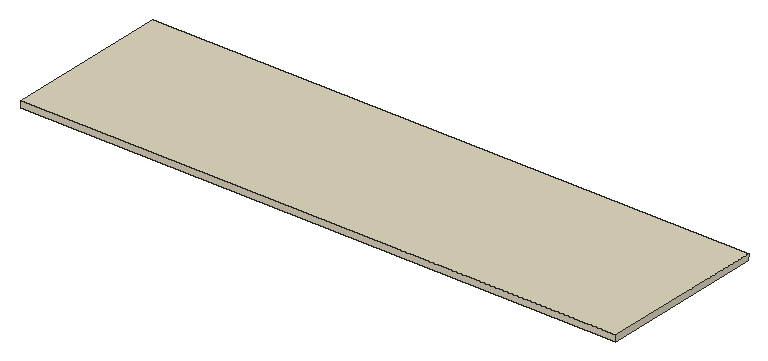
Revit family "Table-Teknion-CEWCT-Countertop-R2023", category Furniture, Revit 2023
Family settings
  OmniClass Number = 23.40.20.00
  OmniClass Title = General Furniture and Specialties
  Work Plane-Based = No
  Enable Cutting in Views = No
  Always vertical = Yes
  Cut with Voids When Loaded = No
  Render Appearance Source = Family Geometry
  Shared = Yes
  Room Calculation Point = No
Parameters (values of type "Countertop")
  Width [instance] = 108.000"
  Warranty = "http://www.teknion.com/ca/papers/legal-canada"
  Unit Weight URL = "http://www.teknion.com/ca/tools/assets#&asset=bee6a381-b954-425e-8283-5a2de3a804f2,f828d448-4b62-4231-9e5f-9a8991c0ed77"
  URL = "www.teknion.com"
  To render please download texture images found here [instance] = "https://assets.teknion.com/web/5e81352c1dfdb467/revit-material-swatches/"
  Sustainability Data = "https://www.teknion.com/ca/tools/assets#&topic=216f99a5-57a0-44fc-b10a-9dee9b29ae4c&asset=444deb64-fe58-4b68-981e-f75e97781df7,b4ff2d81-9f2e-437d-9659-7cffb09c31cf"
  Series = "Expansion Casework+"  # constant formula
  Product Page URL = "https://www.teknion.com/ca//products/product-details?productLineId=30ca1270-8e7a-673b-a6c8-ff05004460c4"
  Product Line = "Countertops & Supports"  # constant formula
  Product Documentation Link = "http://www.teknion.com/pricingguides/Casework/pdfs/CEWCT_ppg.pdf"
  Part Number = "CEWCT"  # constant formula
  Model = "CEWCT_______"  # constant formula
  Manufacturer Phone = "416-661-3370"  # constant formula
  Manufacturer Fax = "416.661.4586"  # constant formula
  Manufacturer Contact Information = "http://www.teknion.com/ca/contactus"
  Manufacturer Address = "1150 Flint Road, Toronto, ON. M3J 2J5. Canada"  # constant formula
  Manufacturer = "Teknion"  # constant formula
  How To Use Teknion Materials User Guide [instance] = "https://assets.teknion.com/m/205dd0a49fa58060/original/How-to-add-a-Material-Library-and-Texture-Images-to-your-Revit-project.pdf"
  For Additional Finishes please visit [instance] = "https://assets.teknion.com/m/44a8009b046e5d47/original/Teknion_Materials_Library.zip"
  Description = "Countertop"  # constant formula
  Depth [instance] = 30.000"
  Default Elevation = 0.000"
  Countertop Finish [instance] = Veneer - Teknion - FX - Flintwood - Flax
  Available Width [instance] = "Available In 12 - 108 Inches In 1 Inch Increments"  # constant formula
  Available Depth [instance] = "Available In 24, 25, 29 & 30 Inches"  # constant formula
  Assembly Code = "E2020200"
Reference planes (in)
  plane 1 "Center Front/Back": y = 0
  plane 2: z = 0
  plane 3 "Center Left/Right": x = 0
  plane 4 "Left": x = -54
  plane 5 "Right": x = 54
  plane 6 "Back": y = 15
  plane 7 "Front": y = -15
  plane 8 "Top": z = 32.93898
Forms (in)
  Sweep 1, solid, material "Veneer - Teknion - FX - Flintwood - Flax" <- "Countertop Finish"
    path origin (0, 0, 0) x (1, 0, 0) y (0, 0, 1)
      loop
        line (0, 32.93898) -> (0, 31.75)
    profile origin (0, 0, 32.34449) x (0, -1, 0) y (1, 0, 0)
      loop
        line (-15, -54) -> (15, -54) -> (15, 54) -> (-15, 54) -> (-15, -54)
Lines and regions (in)
  Masking region 1
    outline origin (0, 0, 0) x (1, 0, 0) y (0, 1, 0)
      loop
        line (-54, 15) -> (-54, -15) -> (54, -15) -> (54, 15) -> (-54, 15)
  reference lines
    curve 1: line (-54, 15, 0) -> (-54, -15, 0)
    curve 2: line (-54, 15, 0) -> (54, 15, 0)
    curve 3: line (54, 15, 0) -> (54, -15, 0)
    curve 4: line (-54, -15, 0) -> (54, -15, 0)
Dimensions and locks (in)
  "Width": plane 4 "Left" to plane 5 "Right"
  "Depth": plane 6 "Back" to plane 7 "Front"
  plane 8 "Top" to level = 32.93898"
  equal spacing: plane 4 "Left", plane 3 "Center Left/Right", plane 5 "Right"
  equal spacing: plane 7 "Front", plane 1 "Center Front/Back", plane 6 "Back"
  locked: plane 8 "Top" to Sweep 1 sketch curve at 1.18898
  aligned and locked: level to plane 2
  aligned and locked: Sweep 1 sketch curve to plane 3 "Center Left/Right"
  aligned and locked: plane 8 "Top" to Sweep 1 sketch curve
  aligned and locked: Sweep 1 sketch curve to plane 6 "Back"
  aligned and locked: Sweep 1 sketch curve to plane 4 "Left"
  aligned and locked: Sweep 1 sketch curve to plane 7 "Front"
  aligned and locked: Sweep 1 sketch curve to plane 5 "Right"
  aligned and locked: Masking region 1 sketch curve to plane 4 "Left"
  aligned and locked: Masking region 1 sketch curve to plane 6 "Back"
  aligned and locked: Masking region 1 sketch curve to plane 5 "Right"
  aligned and locked: Masking region 1 sketch curve to plane 7 "Front"
  aligned and locked: nested 4 to plane 5 "Right"
  aligned and locked: nested 4 to plane 6 "Back"
  aligned and locked: plane 4 "Left" to nested 1
  aligned and locked: nested 1 to plane 6 "Back"
  aligned and locked: nested 2 to plane 7 "Front"
  aligned and locked: nested 2 to plane 4 "Left"
  aligned and locked: nested 3 to plane 5 "Right"
  aligned and locked: plane 7 "Front" to nested 3
  aligned and locked: curve 1 to plane 4 "Left"
  aligned and locked: curve 2 to plane 6 "Back"
  aligned and locked: curve 3 to plane 5 "Right"
  aligned and locked: curve 4 to plane 7 "Front"
Nested families (in)
  nested 1: "Teknion_2D_Node_Family-R2021" at (-54, 15, 0), type "Teknion_2D_Node_Family-R2021"
  nested 2: "Teknion_2D_Node_Family-R2021" at (-54, -15, 0), type "Teknion_2D_Node_Family-R2021"
  nested 3: "Teknion_2D_Node_Family-R2021" at (54, -15, 0), type "Teknion_2D_Node_Family-R2021"
  nested 4: "Teknion_2D_Node_Family-R2021" at (54, 15, 0), type "Teknion_2D_Node_Family-R2021"
Definition of nested family "Teknion_2D_Node_Family-R2021"
  Reference planes (in)
    plane 1 "Center (Front/Back)": y = 0
    plane 2: z = 0
    plane 3 "Center (Left/Right)": x = 0
  Lines and regions (in)
    detail lines, in view "Ref. Level"
      curve 1: circle (0, 0, 0) r 1.25 normal (0, 0, 1)
      curve 2: line (1.91508, -1.91508, 0) -> (-1.91508, 1.91508, 0)
      curve 3: line (-1.91508, -1.91508, 0) -> (1.91508, 1.91508, 0)
